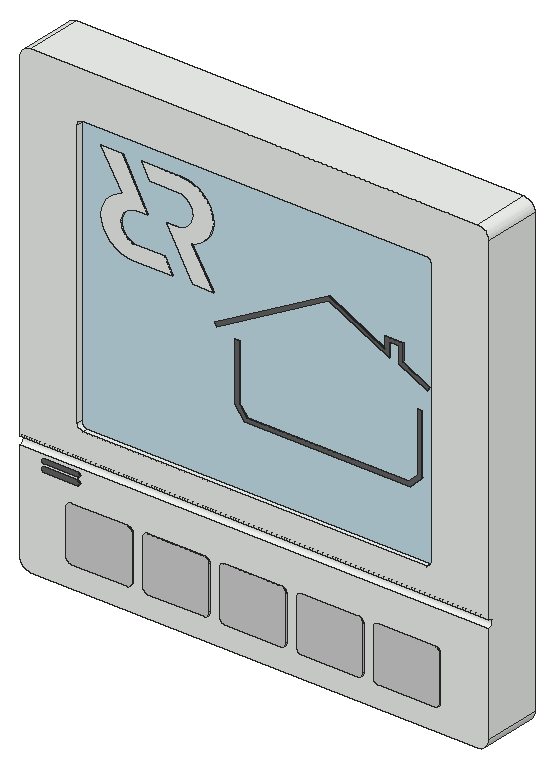
Revit family "РИДАН_Электронный комнатный термостат WT-R", category Оборудование, Revit 2019
Family settings
  Размер круглого соединителя = Использовать диаметр
  Классификация = Нет
  Тип детали = Нормальный
  На основе рабочей плоскости = Да
  Всегда вертикально = Да
  При загрузке вырезать с полостями = Нет
  Общий = Нет
  Точка расчета площади = Нет
Parameters
  Default Elevation = 1219.2 mm
  Контакты_Производитель = "info@ridan.ru"  # constant formula
  Датчик пола FS-R [instance] = yes
  ADSK_Полная мощность = 1 VA  # constant formula
  ADSK_Напряжение = 24 V  # constant formula
  ADSK_Наименование = "WT-R прог. электронный комнатный термостат 230V, встраиваемый "  # constant formula
  ADSK_Масса_Текст = ""
  ADSK_Масса = 0
  ADSK_Марка = "WT-R"  # constant formula
  ADSK_Коэффициент мощности = 1  # constant formula
  ADSK_Количество = 1  # constant formula
  ADSK_Код изделия = "088U0625R"  # constant formula
  ADSK_Классификация нагрузок = Прочее
  ADSK_Завод-изготовитель = "ООО «Ридан-Трейд»"  # constant formula
  ADSK_Единица измерения = "шт."
  ADSK_Версия семейства = "1.0"  # constant formula
  ADSK_Версия Revit = "2019"  # constant formula
Reference planes
  plane 1 "По центру (Вперед/Назад)": y = 0
  plane 2: z = 0
  plane 3 "По центру (Влево/Вправо)": x = 0
  plane 4: z = -29
  plane 5: z = -22
  plane 6: z = -39
  plane 7: x = -34.5
  plane 8: x = -22.3
  plane 9: x = -20.4
  plane 10: x = -8.2
  plane 11: x = -6.3
  plane 12: x = 5.9
  plane 13: x = 7.8
  plane 14: x = 20
  plane 15: x = 21.9
  plane 16: x = 34.1
  plane 17: y = -9.5
Forms (mm)
  Extrusion 1, solid, material "WT-R_Белый", detail levels fine
    sketch origin (0, 0, 0) x (1, 0, 0) y (0, 0, 1)
      loop
        arc (-41, 43) -> (-42.414, 42.414) -> (-43, 41) r 2
        line (-43, 41) -> (-43, -41)
        arc (-43, -41) -> (-42.414, -42.414) -> (-41, -43) r 2
        line (-41, -43) -> (41, -43)
        arc (41, -43) -> (42.414, -42.414) -> (43, -41) r 2
        line (43, -41) -> (43, 41)
        arc (43, 41) -> (42.414, 42.414) -> (41, 43) r 2
        line (41, 43) -> (-41, 43)
    from 0 to 10.5
  Extrusion 2, void
    sketch origin (0, 0, 9) x (1, 0, 0) y (0, 0, 1)
      loop
        arc (-31.5, 25.5) -> (-32.207, 25.207) -> (-32.5, 24.5) r 1
        line (-32.5, 24.5) -> (-32.5, -24.5)
        arc (-32.5, -24.5) -> (-32.207, -25.207) -> (-31.5, -25.5) r 1
        line (-31.5, -25.5) -> (31.5, -25.5)
        arc (31.5, -25.5) -> (32.207, -25.207) -> (32.5, -24.5) r 1
        line (32.5, -24.5) -> (32.5, 24.5)
        arc (32.5, 24.5) -> (32.207, 25.207) -> (31.5, 25.5) r 1
        line (31.5, 25.5) -> (-31.5, 25.5)
    from 8.5 to 10.5
  Extrusion 3, solid, material "Экран_WT-R", detail levels fine
    sketch origin (0, 0, 0) x (1, 0, 0) y (0, 0, 1)
      loop
        line (31.5, 34.5) -> (-31.5, 34.5)
        arc (-31.5, 34.5) -> (-32.207, 34.207) -> (-32.5, 33.5) r 1
        line (-32.5, 33.5) -> (-32.5, -15.5)
        arc (-32.5, -15.5) -> (-32.207, -16.207) -> (-31.5, -16.5) r 1
        line (-31.5, -16.5) -> (31.5, -16.5)
        arc (31.5, -16.5) -> (32.207, -16.207) -> (32.5, -15.5) r 1
        line (32.5, -15.5) -> (32.5, 33.5)
        arc (32.5, 33.5) -> (32.207, 34.207) -> (31.5, 34.5) r 1
    from 8.5 to 9.5
  Extrusion 4, void
    sketch origin (0, 0, 0) x (0, 1, 0) y (0, 0, 1)
      loop
        line (-10.5, -21.217) -> (-10.5, -22.783)
        arc (-10.5, -22.783) -> (-9.717, -22) -> (-10.5, -21.217) r 0.783
    from -43 to 43
  Extrusion 5, solid, material "WT-R_Кнопки", detail levels fine
    sketch origin (0, 0, 0) x (1, 0, 0) y (0, 0, 1)
      loop
        arc (-33.5, -29) -> (-34.207, -29.293) -> (-34.5, -30) r 1
        line (-34.5, -30) -> (-34.5, -38)
        arc (-34.5, -38) -> (-34.207, -38.707) -> (-33.5, -39) r 1
        line (-33.5, -39) -> (-23.3, -39)
        arc (-23.3, -39) -> (-22.593, -38.707) -> (-22.3, -38) r 1
        line (-22.3, -38) -> (-22.3, -30)
        arc (-22.3, -30) -> (-22.593, -29.293) -> (-23.3, -29) r 1
        line (-23.3, -29) -> (-33.5, -29)
      loop
        arc (-19.4, -29) -> (-20.107, -29.293) -> (-20.4, -30) r 1
        line (-20.4, -30) -> (-20.4, -38)
        arc (-20.4, -38) -> (-20.107, -38.707) -> (-19.4, -39) r 1
        line (-19.4, -39) -> (-9.2, -39)
        arc (-9.2, -39) -> (-8.493, -38.707) -> (-8.2, -38) r 1
        line (-8.2, -38) -> (-8.2, -30)
        arc (-8.2, -30) -> (-8.493, -29.293) -> (-9.2, -29) r 1
        line (-9.2, -29) -> (-19.4, -29)
      loop
        arc (-5.3, -29) -> (-6.007, -29.293) -> (-6.3, -30) r 1
        line (-6.3, -30) -> (-6.3, -38)
        arc (-6.3, -38) -> (-6.007, -38.707) -> (-5.3, -39) r 1
        line (-5.3, -39) -> (4.9, -39)
        arc (4.9, -39) -> (5.607, -38.707) -> (5.9, -38) r 1
        line (5.9, -38) -> (5.9, -30)
        arc (5.9, -30) -> (5.607, -29.293) -> (4.9, -29) r 1
        line (4.9, -29) -> (-5.3, -29)
      loop
        arc (8.8, -29) -> (8.093, -29.293) -> (7.8, -30) r 1
        line (7.8, -30) -> (7.8, -38)
        arc (7.8, -38) -> (8.093, -38.707) -> (8.8, -39) r 1
        line (8.8, -39) -> (19, -39)
        arc (19, -39) -> (19.707, -38.707) -> (20, -38) r 1
        line (20, -38) -> (20, -30)
        arc (20, -30) -> (19.707, -29.293) -> (19, -29) r 1
        line (19, -29) -> (8.8, -29)
      loop
        arc (22.9, -29) -> (22.193, -29.293) -> (21.9, -30) r 1
        line (21.9, -30) -> (21.9, -38)
        arc (21.9, -38) -> (22.193, -38.707) -> (22.9, -39) r 1
        line (22.9, -39) -> (33.1, -39)
        arc (33.1, -39) -> (33.807, -38.707) -> (34.1, -38) r 1
        line (34.1, -38) -> (34.1, -30)
        arc (34.1, -30) -> (33.807, -29.293) -> (33.1, -29) r 1
        line (33.1, -29) -> (22.9, -29)
    from 9.6 to 10.6
  Extrusion 6, solid, material "WT-R_Экран1", detail levels fine
    sketch origin (0, 0, 0) x (1, 0, 0) y (0, 0, 1)
      loop
        line (-8.013, 9.399) -> (-7.623, 8.7) -> (13.005, 20.184) -> (24.047, 14.687) -> (24.047, 17.287) -> (25.757, 17.287) -> (25.757, 14.368) -> (31.002, 11.696) -> (31.366, 12.408) -> (26.557, 14.859) -> (26.557, 18.087) -> (23.247, 18.087) -> (23.247, 15.979) -> (12.984, 21.088) -> (-8.013, 9.399)
      loop
        line (-3.468, 7.9) -> (-4.268, 7.9) -> (-4.268, -2.833) -> (-2.402, -5.057) -> (27.941, -5.057) -> (29.99, -3.007) -> (29.99, 8.118) -> (29.19, 8.118) -> (29.19, -2.676) -> (27.61, -4.257) -> (-2.029, -4.257) -> (-3.468, -2.542) -> (-3.468, 7.9)
    from 8.6 to 9.6
  Extrusion 7, solid, material "WT-R_Экран1", detail levels fine
    sketch origin (0, 0, -0.364) x (1, 0, 0) y (0, 0, 1)
      loop
        arc (-38.456, -23.076) -> (-38.878, -23.498) -> (-38.456, -23.92) r 0.422
        line (-38.456, -23.92) -> (-32.367, -23.92)
        arc (-32.367, -23.92) -> (-31.945, -23.498) -> (-32.367, -23.076) r 0.422
        line (-32.367, -23.076) -> (-38.456, -23.076)
      loop
        arc (-38.456, -24.421) -> (-38.878, -24.843) -> (-38.456, -25.264) r 0.422
        line (-38.456, -25.264) -> (-32.367, -25.264)
        arc (-32.367, -25.264) -> (-31.945, -24.843) -> (-32.367, -24.421) r 0.422
        line (-32.367, -24.421) -> (-38.456, -24.421)
    from 9.6 to 10.6
  Extrusion 8, solid, material "WT-R_Белый", detail levels fine
    sketch origin (10.445, 0, 54.944) x (1, 0, 0) y (0, 0, 1)
      loop
        line (-35.36, -23.845) -> (-39.325, -23.845) -> (-35.297, -30.408)
        arc (-35.297, -30.408) -> (-38.077, -32.087) -> (-39.269, -35.107) r 5.072
        arc (-39.269, -35.107) -> (-37.424, -39.128) -> (-33.33, -40.805) r 6.025
        line (-33.33, -40.805) -> (-26.175, -40.805) -> (-27.688, -38.011) -> (-32.842, -38.011)
        arc (-32.842, -38.011) -> (-34.809, -37.091) -> (-35.617, -35.075) r 2.958
        arc (-35.617, -35.075) -> (-34.745, -33.164) -> (-32.819, -32.329) r 2.928
        line (-32.819, -32.329) -> (-30.767, -32.326) -> (-35.36, -23.845)
      loop
        line (-30.282, -26.639) -> (-25.121, -26.639)
        arc (-25.121, -26.639) -> (-23.153, -27.559) -> (-22.345, -29.576) r 2.957
        arc (-22.345, -29.576) -> (-23.217, -31.486) -> (-25.144, -32.32) r 2.927
        line (-25.144, -32.32) -> (-27.176, -32.32) -> (-22.537, -40.805) -> (-18.638, -40.805) -> (-22.667, -34.242)
        arc (-22.667, -34.242) -> (-19.887, -32.563) -> (-18.694, -29.542) r 5.074
        arc (-18.694, -29.542) -> (-20.539, -25.522) -> (-24.632, -23.845) r 6.025
        line (-24.632, -23.845) -> (-31.809, -23.845) -> (-30.282, -26.639)
    from 8.6 to 9.6
Cuts and joins
  Extrusion 2, Extrusion 4 cuts Extrusion 1
Dimensions and locks
  aligned and locked: level to plane 2
Nested families
  nested 1: "Влж_FS-R" at (0, -3.843, 0), visible <- "Датчик пола FS-R", type "Влж_FS-R", detail levels fine
    with Видимость yes
Connectors
  electrical at (0, 0, 0), driven by "ADSK_Напряжение", driven by "ADSK_Полная мощность", driven by "ADSK_Коэффициент мощности"
    settings: index 1, voltage 24 V, apparent load 1 VA, apparent load phase1 0 VA, apparent load phase2 0 VA, apparent load phase3 0 VA, power factor 1, load classification "Прочее", number of poles 1, system type 30, power factor state 1, is connector primary yes, connector utility no, sub classification motor no, connector description ""
Definition of nested family "Влж_FS-R"
  Parameters (values of type "Влж_FS-R")
    Контакты_Производитель = "info@ridan.ru"  # constant formula
    Видимость [instance] = yes
    ADSK_Наименование = "Датчик температуры пола FS-R, 3 метра, IP54"  # constant formula
    ADSK_Масса_Текст = ""
    ADSK_Масса = 0
    ADSK_Марка = "FS-R"  # constant formula
    ADSK_Количество = 1  # constant formula
    ADSK_Код изделия = "088U0610R"  # constant formula
    ADSK_Завод-изготовитель = "ООО «Ридан-Трейд»"  # constant formula
    ADSK_Единица измерения = "шт."
    ADSK_Версия семейства = "1.0"  # constant formula
    ADSK_Версия Revit = "2019"  # constant formula
  Reference planes
    plane 1 "По центру (Вперед/Назад)": y = 0
    plane 2: z = 0
    plane 3 "По центру (Влево/Вправо)": x = 0
  Forms (mm)
    Extrusion 1, solid, visible <- "Видимость"
      sketch origin (0, 0, 0) x (1, 0, 0) y (0, 1, 0)
        loop
          circle (0, 0) r 0.82
      from 0 to 1
  Dimensions and locks
    aligned and locked: level to plane 2
